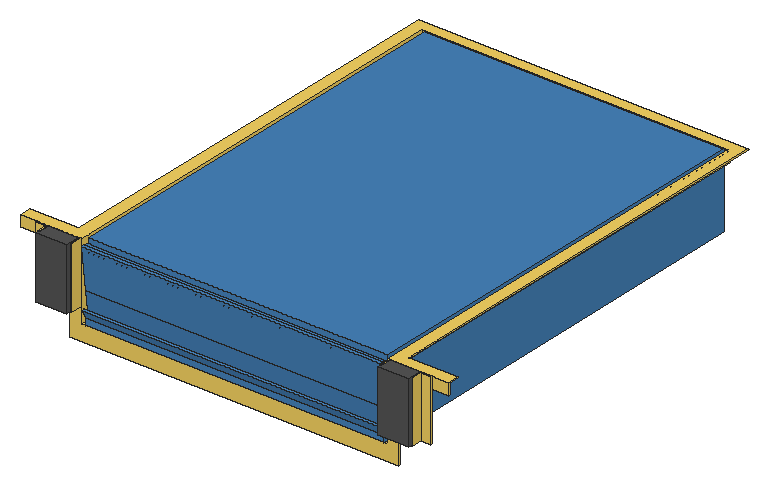
Revit family "DockLeveler_H-Series_BlueGiant", category Specialty Equipment, host Face, Revit 2026
Family settings
  Host = Face
  Round Connector Dimension = Use Diameter
  Part Type = Normal
  Enable Cutting in Views = No
  Cut with Voids When Loaded = No
  Maintain Annotation Orientation = No
  Shared = No
  Room Calculation Point = No
Parameters (values of type "6610")
  offsetangles [instance] = if(Steel Pit Angles, 0.00", Pit Depth + 24.00")  # 0.00"
  Warranty Duration (Years) = 0
  Unit Width = 78.00"
  Unit Length [instance] = 123.50"
  URL = "http://www.bluegiant.com/"
  Textured Surface [instance] = Metal - Blue Giant - Textured Surface
  Test Data = ""
  Steel Pit Angles [instance] = yes
  Steel Angle Finish [instance] = Metal - Blue Giant - Safety Yellow
  Steel Angle Extension at Opening [instance] = 16.00"
  Specification = "http://www.arcat.com/sdspecs/htm/11160blu.htm"
  SpecWizard = "http://www.arcat.com/specwizard/11160blu/index.htm?mf=&coid=38505"
  Send Message = "http://www.arcat.com/users.pl?action=UserEmail&amp;company=Blue+Giant+Equipment+Corp.&amp;coid=38505&amp;rep=119&amp;fax=905-457-2313&amp;mf=95"
  Sales Information = "http://www.bluegiant.com/Loading_Dock_Dealer_Locations.html"
  Revision = "R1_06_2014"
  Rear Pit Offset = 0.50"
  Product Properties = ""
  Product Data = "http://www.arcat.com/arcatcos/cos38/arc38505.html"
  Pit Width = 80.00"
  Pit Length = 111.00"
  Pit Depth = 20.00"
  Model = "6610"
  Manufacturer Website = "http://www.bluegiant.com/"
  Manufacturer Phone - Toll Free = "800-668-7078"
  Manufacturer Phone = "905-457-3900"
  Manufacturer Fax = "905-457-2313"
  Manufacturer Address = "85 Heart Lake Rd. S.; Brampton; ON; Canada L6W 3K2"
  Manufacturer = "Blue Giant Equipment Corp."
  Maintenance Schedule (Months) = 0
  Lip Length [instance] = 16.00"
  Lip Inset = 0.00"
  Keynote = "11600"
  Installation-Fabrication = "http://www.bluegiant.com/Guide/Loading_Dock_Equipment.html"
  Installation Phase = ""
  Include Generic Bumpers [instance] = yes
  Green Building-LEED = "http://www.arcat.com/green/clients/leed_data_38505.html"
  Generic Bumper Width [instance] = 8.00"
  Generic Bumper Height [instance] = 16.00"
  Fixture Material [instance] = Metal - Blue Giant - Blue
  Expected Lifespan (Years) = 0
  Electrical_Voltage [instance] = 120 V
  Electrical_Phase [instance] = 1
  Electrical_Frequency [instance] = 60 Hz
  Drawn By = "Sumex Design, Inc. / Robert S. Weygant, CSI, CDT, SCIP"
  Description = "Blue Giant HA6610 Hydraulic Dock Leveler as Specified"
  Default Elevation = 0.00"
  Copyright = "©Arcat Inc."
  Construction Details = "http://www.arcat.com/details/bluegian/bluegian.html?coid=38505"
  Capacity = "[30000][35000][40000][45000][50000][60000][80000] lbs"
  Bumper Finish [instance] = Rubber - Blue Giant - Black
  Building Codes = ""
  Available Options = "as Specified"
  Assembly Code = "E1030300"
Types (15): name | Unit Width | Unit Length | Pit Width | Pit Length | Model | Description
  7014 | 83.00" | 171.50" | 80.00" | 159.00" | "7014" | "Blue Giant HA7014 Hydraulic Dock Leveler as Specified"
  7012 | 83.00" | 147.50" | 85.00" | 135.00" | "7012" | "Blue Giant HA7012 Hydraulic Dock Leveler as Specified"
  7010 | 83.00" | 123.50" | 85.00" | 111.00" | "7010" | "Blue Giant HA7010 Hydraulic Dock Leveler as Specified"
  7008 | 83.00" | 99.50" | 85.00" | 87.00" | "7008" | "Blue Giant HA7008 Hydraulic Dock Leveler as Specified"
  7006 | 83.00" | 75.50" | 85.00" | 63.00" | "7006" | "Blue Giant HA7006 Hydraulic Dock Leveler as Specified"
  6614 | 78.00" | 171.50" | 80.00" | 159.00" | "6614" | "Blue Giant HA6614 Hydraulic Dock Leveler as Specified"
  6612 | 78.00" | 147.50" | 80.00" | 135.00" | "6612" | "Blue Giant HA6612 Hydraulic Dock Leveler as Specified"
  6610 | 78.00" | 123.50" | 80.00" | 111.00" | "6610" | "Blue Giant HA6610 Hydraulic Dock Leveler as Specified"
  6608 | 78.00" | 99.50" | 80.00" | 87.00" | "6608" | "Blue Giant HA6608 Hydraulic Dock Leveler as Specified"
  6606 | 78.00" | 75.50" | 80.00" | 63.00" | "6606" | "Blue Giant HA6606 Hydraulic Dock Leveler as Specified"
  6014 | 72.00" | 171.50" | 74.00" | 159.00" | "6014" | "Blue Giant HA6014 Hydraulic Dock Leveler as Specified"
  6012 | 72.00" | 147.50" | 74.00" | 135.00" | "6012" | "Blue Giant HA6012 Hydraulic Dock Leveler as Specified"
  6010 | 72.00" | 123.50" | 74.00" | 111.00" | "6010" | "Blue Giant HA6010 Hydraulic Dock Leveler as Specified"
  6008 | 72.00" | 99.50" | 74.00" | 87.00" | "6008" | "Blue Giant HA6008 Hydraulic Dock Leveler as Specified"
  6006 | 72.00" | 75.50" | 74.00" | 63.00" | "6006" | "Blue Giant HA6006 Hydraulic Dock Leveler as Specified"
Reference planes (in)
  plane 1 "Center (Front/Back)": y = 13.5
  plane 2: z = 0
  plane 3 "Center (Left/Right)": x = 0
  plane 4: y = 69
  plane 5 "Pit Front": y = -42
  plane 6: x = -40
  plane 7: x = 40
  plane 8: x = -39
  plane 9: x = 39
  plane 10 "Pit Base": z = -20
  plane 11: z = -19.5
  plane 12: z = 0
  plane 13 "Top of Steel Angle": z = -20
  plane 14: z = -24
  plane 15: y = -38
  plane 16: x = -20.75
  plane 17: x = 18.25
  plane 18: x = -38
  plane 19: x = 38
  plane 20: x = 39
  plane 21: x = -39
  plane 22: x = -40.625
  plane 23: x = 40.625
  plane 24: x = -48.625
  plane 25: x = 48.625
  plane 26: z = -16
  plane 27: x = -56
  plane 28: x = 56
Forms (in)
  Extrusion 1, void
    sketch origin (0, 0, 0) x (0, 1, 0) y (0, 0, 1)
      loop
        line (-42, 0) -> (-42, -20) -> (-38, -20) -> (69, -19.5) -> (69, 0) -> (-42, 0)
    from -40 to 40
  Sweep 2, solid, material "Metal - Blue Giant - Safety Yellow" <- "Steel Angle Finish", visible <- "Steel Pit Angles"
    path origin (-34.2385, -180, 0) x (-1, 0, 0) y (0, -1, 0)
      loop
        line (-90.2385, -138) -> (-74.2385, -138) -> (-74.2385, -249) -> (5.7615, -249) -> (5.7615, -138) -> (21.7615, -138)
    profile origin (-48, -42, 0) x (0, -1, 0) y (0, 0, 1)
      loop
        line (0, 0) -> (-3, 0) -> (-3, -0.25) -> (-0.25, -0.25) -> (-0.25, -3) -> (0, -3) -> (0, 0)
  Sweep 3, void
    path origin (-34.2385, -180, 0) x (-1, 0, 0) y (0, -1, 0)
      loop
        line (-90.2385, -138) -> (-74.2385, -138) -> (-74.2385, -249) -> (5.7615, -249) -> (5.7615, -138) -> (21.7615, -138)
    profile origin (-48, -42, 0) x (0, -1, 0) y (0, 0, 1)
      loop
        line (0, 0) -> (-3, 0) -> (-3, -0.25) -> (-0.25, -0.25) -> (-0.25, -3) -> (0, -3) -> (0, 0)
  Extrusion 4, solid, material "Metal - Blue Giant - Safety Yellow" <- "Steel Angle Finish", visible <- "Steel Pit Angles"
    sketch origin (0, 0, 0) x (1, 0, 0) y (0, 1, 0)
      loop
        line (-40, -42) -> (-40, -39) -> (-40.25, -39) -> (-40.25, -41.75) -> (-43, -41.75) -> (-43, -42) -> (-40, -42)
      loop
        line (40, -42) -> (43, -42) -> (43, -41.75) -> (40.25, -41.75) -> (40.25, -39) -> (40, -39) -> (40, -42)
    from -24 to -3
  Extrusion 5, void
    sketch origin (0, 0, 0) x (1, 0, 0) y (0, 1, 0)
      loop
        line (-40, -39) -> (-40.25, -39) -> (-40.25, -41.75) -> (-43, -41.75) -> (-43, -42) -> (-40, -42) -> (-40, -39)
      loop
        line (40, -39) -> (40, -42) -> (43, -42) -> (43, -41.75) -> (40.25, -41.75) -> (40.25, -39) -> (40, -39)
    from -24 to 0
  Sweep 6, solid, material "Metal - Blue Giant - Safety Yellow" <- "Steel Angle Finish", visible <- "Steel Pit Angles"
    path origin (0, 13.5, 0) x (1, 0, 0) y (0, 0, 1)
      loop
        line (-40, -20) -> (40, -20)
    profile origin (0, 13.5, -20) x (0, 0, 1) y (0, -1, 0)
      loop
        line (0, 55.5) -> (-4, 55.5) -> (-4, 55.25) -> (-0.25, 55.25) -> (-0.25, 51.5) -> (0, 51.5) -> (0, 55.5)
  Sweep 7, void
    path origin (0, 13.5, 0) x (1, 0, 0) y (0, 0, 1)
      loop
        line (-40, -20) -> (40, -20)
    profile origin (0, 13.5, -20) x (0, 0, 1) y (0, -1, 0)
      loop
        line (0, 55.5) -> (-4, 55.5) -> (-4, 55.25) -> (-0.25, 55.25) -> (-0.25, 51.5) -> (0, 51.5) -> (0, 55.5)
  Extrusion 8, solid, material "Metal - Blue Giant - Blue" <- "Fixture Material"
    sketch origin (0, 0, 0) x (0, 1, 0) y (0, 0, 1)
      loop
        line (69, -19.5) -> (69, 0) -> (-40.75, 0) -> (-40.75, -17.0303) -> (-42, -17.0303) -> (-42.375, -16) -> (-42.76955, -16.1436) -> (-42, -18.25791) -> (-42, -20) -> (-38, -20) -> (69, -19.5)
    from -39 to 39
  Extrusion 9, solid, material "Metal - Blue Giant - Blue" <- "Fixture Material"
    sketch origin (0, 0, 0) x (0, 1, 0) y (0, 0, 1)
      loop
        line (-40.77952, -16.9129) -> (-42.45197, -1.00055) -> (-43.07355, -1.06588) -> (-41.92374, -12.00562) -> (-41.22745, -16.95998) -> (-40.77952, -16.9129)
    from -39 to 39
  Extrusion 10, solid, material "Metal - Blue Giant - Safety Yellow" <- "Steel Angle Finish", visible <- "Include Generic Bumpers"
    sketch origin (0, 0, 0) x (1, 0, 0) y (0, 1, 0)
      loop
        line (-40.625, -42) -> (-40.625, -45) -> (-40.25, -45) -> (-40.25, -42) -> (-40.625, -42)
      loop
        line (-51.625, -42) -> (-51.625, -42.375) -> (-49, -42.375) -> (-49, -45) -> (-48.625, -45) -> (-48.625, -42) -> (-51.625, -42)
      loop
        line (40.625, -42) -> (40.25, -42) -> (40.25, -45) -> (40.625, -45) -> (40.625, -42)
      loop
        line (51.625, -42) -> (48.625, -42) -> (48.625, -45) -> (49, -45) -> (49, -42.375) -> (51.625, -42.375) -> (51.625, -42)
    from 0 to -16
  Extrusion 11, solid, material "Rubber - Blue Giant - Black" <- "Bumper Finish", visible <- "Include Generic Bumpers"
    sketch origin (0, 0, 0) x (1, 0, 0) y (0, 1, 0)
      loop
        line (-48.625, -42) -> (-48.625, -46) -> (-40.625, -46) -> (-40.625, -42) -> (-48.625, -42)
      loop
        line (48.625, -42) -> (40.625, -42) -> (40.625, -46) -> (48.625, -46) -> (48.625, -42)
    from 0 to -16
  Extrusion 12, solid, material "Metal - Blue Giant - Blue" <- "Fixture Material"
    sketch origin (0, 0, 0) x (0, 1, 0) y (0, 0, 1)
      loop
        circle (-41.54383, -2.08341) r 0.8125
    from -39 to 39
Cuts and joins
  joined: Extrusion 4, Sweep 6
Lines and regions (in)
  reference lines
    curve 1: line (0, 69, -19.5) -> (0, -38, -20)
  model lines, style "InvisibleLines"
    curve 2: line (0, 69, 0) -> (0, 69, 12)
Dimensions and locks (in)
  equal spacing: plane 4, plane 1 "Center (Front/Back)", plane 5 "Pit Front"
  "Pit Length": plane 4 to plane 5 "Pit Front"
  equal spacing: plane 6, plane 3 "Center (Left/Right)", plane 7
  "Pit Width": plane 6 to plane 7
  "Unit Width": plane 8 to plane 9
  "Pit Depth": level to plane 10 "Pit Base"
  "Rear Pit Offset": plane 11 to plane 10 "Pit Base"
  "Pit Depth": plane 12 to plane 13 "Top of Steel Angle"
  "offsetangles": plane 12 to level
  plane 12 to Sweep 2 sketch curve to Sweep 2 sketch curve = 0.25" locked, 2.75" locked
  plane 5 "Pit Front" to Sweep 2 sketch curve to Sweep 2 sketch curve = 0.25" locked, 2.75" locked
  locked: Sweep 3 sketch curve to Sweep 3 sketch curve at 2.75  (x2)
  locked: plane 12 to Sweep 3 sketch curve at 0.25
  locked: plane 5 "Pit Front" to Sweep 3 sketch curve at 0.25
  locked: plane 5 "Pit Front" to Extrusion 1 sketch curve at 4
  Extrusion 4 sketch curve to Extrusion 4 sketch curve to plane 5 "Pit Front" = 2.75" locked, 0.25" locked
  Extrusion 4 sketch curve to Extrusion 4 sketch curve to plane 6 = 2.75" locked, 0.25" locked
  locked: Extrusion 4 sketch curve to Extrusion 4 sketch curve at 2.75  (x2)
  locked: plane 7 to Extrusion 4 sketch curve at 0.25
  locked: Extrusion 4 sketch curve to plane 5 "Pit Front" at 0.25
  locked: plane 13 "Top of Steel Angle" to plane 14 at 4
  Extrusion 5 sketch curve to Extrusion 5 sketch curve to plane 6 = 2.75" locked, 0.25" locked
  Extrusion 5 sketch curve to Extrusion 5 sketch curve to plane 5 "Pit Front" = 2.75" locked, 0.25" locked  (x2)
  plane 7 to Extrusion 5 sketch curve to Extrusion 5 sketch curve = 0.25" locked, 2.75" locked
  plane 5 "Pit Front" to Sweep 6 sketch curve to Sweep 6 sketch curve = 0.25" locked, 3.75" locked
  locked: plane 13 "Top of Steel Angle" to Sweep 6 sketch curve at 0.25
  locked: Sweep 7 sketch curve to Sweep 7 sketch curve at 3.75
  locked: plane 13 "Top of Steel Angle" to Sweep 7 sketch curve at 0.25
  locked: plane 5 "Pit Front" to Sweep 7 sketch curve at 0.25
  locked: Extrusion 8 sketch curve to plane 4
  locked: plane 15 to plane 5 "Pit Front" at 4
  locked: plane 5 "Pit Front" to Extrusion 8 sketch curve at 1.25
  plane 9 to plane 17 to plane 3 "Center (Left/Right)" to plane 16 to plane 8 = 20.75", 18.25", 20.75", 18.25"
  "Lip Length": Extrusion 9 sketch curve to Extrusion 9 sketch curve
  plane 5 "Pit Front" to Extrusion 10 sketch curve to Extrusion 10 sketch curve = 0.375" locked, 2.625" locked  (x2)
  locked: plane 5 "Pit Front" to Extrusion 10 sketch curve at 3  (x2)
  locked: plane 5 "Pit Front" to Extrusion 11 sketch curve at 4  (x2)
  locked: plane 19 to plane 20 at 1
  locked: plane 21 to plane 18 at 1
  "Lip Inset": plane 8 to plane 21
  "Lip Inset": plane 20 to plane 9
  plane 6 to plane 21 = 1.00"
  plane 20 to plane 7 = 1.00"
  level to Extrusion 9 sketch curve to Extrusion 9 sketch curve = 12.00562" locked, 4.95436" locked
  locked: plane 22 to plane 6 at 0.625
  locked: plane 7 to plane 23 at 0.625
  "Generic Bumper Width": plane 24 to plane 22
  "Generic Bumper Width": plane 23 to plane 25
  locked: plane 22 to Extrusion 10 sketch curve at 0.375
  Extrusion 10 sketch curve to Extrusion 10 sketch curve to plane 24 = 2.625" locked, 0.375" locked
  locked: Extrusion 10 sketch curve to plane 23 at 0.375
  plane 25 to Extrusion 10 sketch curve to Extrusion 10 sketch curve = 0.375" locked, 2.625" locked
  "Generic Bumper Height": level to plane 26
  "Steel Angle Extension at Opening": plane 27 to plane 6
  "Steel Angle Extension at Opening": plane 7 to plane 28
  Extrusion 8 sketch curve to Extrusion 8 sketch curve to Extrusion 8 sketch curve to Extrusion 8 sketch curve to plane 10 "Pit Base" = 0.1436" locked, 0.8867" locked, 1.22761" locked, 1.74209" locked
  locked: plane 5 "Pit Front" to Extrusion 9 sketch curve at 1.22048
  locked: plane 5 "Pit Front" to Extrusion 12 sketch curve at 0.45617
  locked: level to Extrusion 12 sketch curve at 2.08341
  equal spacing: plane 8, plane 3 "Center (Left/Right)", plane 9
  locked: Extrusion 9 sketch curve to Extrusion 9 sketch curve (angle 92.00°)
  aligned and locked: host face to plane 2
  aligned and locked: host face to level
  aligned and locked: Extrusion 1 sketch curve to plane 4
  aligned and locked: level to Extrusion 1 sketch curve
  aligned and locked: Extrusion 1 sketch curve to plane 5 "Pit Front"
  aligned and locked: Extrusion 1 sketch curve to plane 11
  aligned and locked: Extrusion 1 to plane 7
  aligned and locked: Extrusion 1 to plane 6
  aligned and locked: Sweep 2 sketch curve to plane 6
  aligned and locked: Sweep 2 sketch curve to plane 7
  aligned and locked: Sweep 2 sketch curve to plane 4
  aligned and locked: plane 12 to Sweep 2 sketch curve
  aligned and locked: plane 5 "Pit Front" to Sweep 2 sketch curve
  aligned and locked: Sweep 3 sketch curve to plane 6
  aligned and locked: Sweep 3 sketch curve to plane 4
  aligned and locked: Sweep 3 sketch curve to plane 7
  aligned and locked: plane 5 "Pit Front" to Sweep 3 sketch curve  (x3)
  aligned and locked: plane 12 to Sweep 3 sketch curve
  aligned and locked: plane 5 "Pit Front" to Extrusion 4 sketch curve  (x2)
  aligned and locked: Extrusion 4 sketch curve to plane 6
  aligned and locked: Extrusion 4 sketch curve to plane 7
  aligned: Extrusion 4 to plane 12
  aligned and locked: Extrusion 4 to plane 14
  aligned and locked: Extrusion 5 sketch curve to plane 6
  aligned and locked: Extrusion 5 sketch curve to plane 5 "Pit Front"  (x2)
  aligned and locked: Extrusion 5 sketch curve to plane 7
  aligned and locked: Extrusion 5 to plane 12
  aligned and locked: Extrusion 5 to plane 14
  aligned and locked: Sweep 6 sketch curve to plane 13 "Top of Steel Angle"  (x2)
  aligned and locked: Sweep 6 sketch curve to plane 7
  aligned and locked: Sweep 6 sketch curve to plane 6
  aligned and locked: plane 5 "Pit Front" to Sweep 6 sketch curve
  aligned and locked: Sweep 6 sketch curve to plane 14
  aligned and locked: Sweep 7 sketch curve to plane 13 "Top of Steel Angle"  (x2)
  aligned and locked: Sweep 7 sketch curve to plane 7
  aligned and locked: Sweep 7 sketch curve to plane 6
  aligned and locked: plane 5 "Pit Front" to Sweep 7 sketch curve
  aligned and locked: Sweep 7 sketch curve to plane 14
  aligned and locked: Extrusion 8 sketch curve to level
  aligned and locked: Extrusion 8 sketch curve to plane 5 "Pit Front"
  aligned and locked: plane 15 to curve 1
  aligned and locked: plane 10 "Pit Base" to curve 1
  aligned and locked: plane 4 to curve 1
  aligned and locked: curve 1 to plane 11
  aligned and locked: curve 1 to Extrusion 8 sketch curve
  aligned and locked: Extrusion 8 to plane 8
  aligned and locked: Extrusion 8 to plane 9
  aligned: Extrusion 9 to plane 9
  aligned: Extrusion 9 to plane 8
  aligned and locked: Extrusion 10 sketch curve to plane 5 "Pit Front"  (x4)
  aligned and locked: Extrusion 11 sketch curve to plane 5 "Pit Front"  (x2)
  aligned and locked: Extrusion 9 to plane 20
  aligned and locked: plane 21 to Extrusion 9
  aligned and locked: plane 23 to Extrusion 11 sketch curve
  aligned and locked: plane 25 to Extrusion 11 sketch curve
  aligned and locked: plane 22 to Extrusion 11 sketch curve
  aligned and locked: plane 24 to Extrusion 11 sketch curve
  aligned and locked: plane 24 to Extrusion 10 sketch curve
  aligned and locked: Extrusion 10 sketch curve to plane 22
  aligned and locked: Extrusion 10 sketch curve to plane 23
  aligned and locked: plane 25 to Extrusion 10 sketch curve
  aligned and locked: plane 26 to Extrusion 11
  aligned and locked: plane 26 to Extrusion 10
  aligned and locked: plane 28 to Sweep 3 sketch curve
  aligned and locked: plane 27 to Sweep 3 sketch curve
  aligned and locked: plane 27 to Sweep 2 sketch curve
  aligned and locked: plane 28 to Sweep 2 sketch curve
  aligned and locked: Extrusion 12 to plane 20
  aligned and locked: plane 21 to Extrusion 12
Automatic sketch dimensions
  host sketch curve to host sketch curve = 144.00"
  host sketch curve to host sketch curve = 150.00"
  Extrusion 1 sketch curve to plane 10 "Pit Base" = 0.00"
  Sweep 2 sketch curve to plane 5 "Pit Front" = 0.00"
  plane 5 "Pit Front" to Sweep 2 sketch curve = 0.00"
  Extrusion 10 sketch curve to plane 5 "Pit Front" = 0.00"
  Extrusion 8 sketch curve to plane 5 "Pit Front" = 0.00"
  Extrusion 8 sketch curve to plane 10 "Pit Base" = 0.00"
  Extrusion 9 sketch curve to Extrusion 9 sketch curve = 0.62158"
  Extrusion 9 sketch curve to Extrusion 9 sketch curve = 1.14422"
  curve 2 to plane 3 "Center (Left/Right)" = 0.00"
  curve 2 to level = 0.00"
  level to curve 2 = 12.00"
  radius of Extrusion 12 sketch curve = 0.8125"
Connectors (in)
  electrical at (0, 69, -9.75), driven by "Electrical_Voltage"
    settings: on Extrusion 8, index 4, voltage 120 V, apparent load 0 VA, apparent load phase1 0 VA, apparent load phase2 0 VA, apparent load phase3 0 VA, power factor 1, load classification "Other", number of poles 1, system type 31, power factor state 1, is connector primary yes, connector utility no, sub classification motor no, connector description ""
